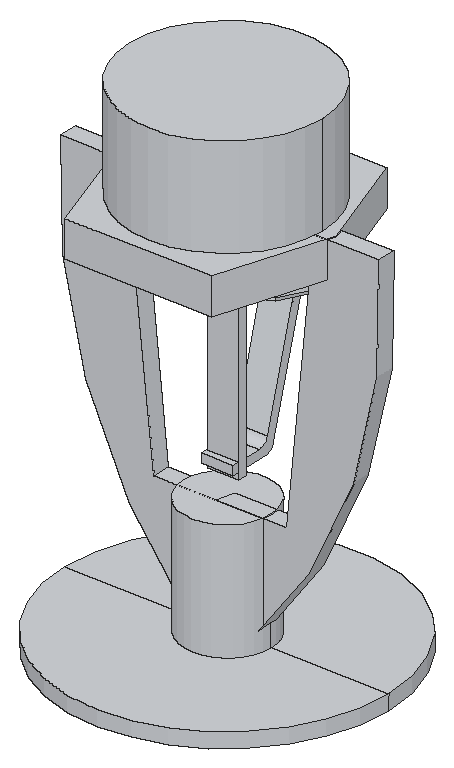
Revit family
Parameters (values of type "RASCO N252 EC PENDENT")
  Temperature Rating = 212 °F
  Response = (empty or 0)
  RASCO SIN # = "RA08A2"
  RASCO Part # = "EC252C"
  Pressure Rating = "175 PSI"
  Pressure Class = (empty or 0)
  Orifice Size = 1"
  Orifice = (empty or 0)
  Model = "N252 EC"
  Manufacturer = "RASCO"
  K-Factor = 25.2
  Description = "CHROME FINISH"
  Coverage = 1
Reference planes (in)
  plane 1 "Center (Front/Back)": y = 0
  plane 2: z = 0
  plane 3 "Center (Left/Right)": x = 0
Nested families (in)
  nested 1: "RASCO- EC252C" at (0, -0.28517, 3.60324) x (-1, 0, 0) z (0, 0, -1), type "RASCO N252 EC PENDENT"
Connectors (in)
  piping at (0, -0.28517, 3.60324)
    settings: on nested 1, index 1, connector radius 11/16", flow factor 0, pipe flow 0 GPM, pressure drop 0.00 psi, fitting loss kfactor 0, connector angle 0.00°, fixture units 0, flow configuration 0, flow direction 0, fitting loss method 0, system type 7, connector reference index -1, connector utility 0, adjustable connector no, is connector primary yes, fitting loss table "", connector description ""
Definition of nested family "RASCO- EC252C"
  Parameters (values of type "RASCO N252 EC PENDENT")
    Type Comments = ""
    Temperature Rating = 0 °F
    Response = (empty or 0)
    Pressure Rating = "0"
    Pressure Class = (empty or 0)
    Orifice Size = 0"
    Orifice = (empty or 0)
    Model = ""
    Manufacturer = ""
    K-Factor = 0
    Description = ""
    Coverage = (empty or 0)
    Assembly Code = ""
  Reference planes (in)
    plane 1 "Center (Front/Back)": y = 0
    plane 2: z = 0
    plane 3 "ref.2": z = 0.6875
    plane 4 "ref.3": z = 0.9375
    plane 5: x = -0.38065
    plane 6: x = 0.36935
    plane 7 "ref. side 1": y = 0.06402
    plane 8 "ref. side 2": y = -0.06098
    plane 9 "ref.4": z = 2.6
    plane 10 "ref.5": z = 3.6
    plane 11 "center": x = -0.00574
    plane 12 "clip": through (0, 0.52703, 1.36085) normal (0, 0.2756, -0.9613)
  Forms (in)
    Extrusion 1, solid
      sketch origin (0, 0, 0) x (1, 0, 0) y (0, 1, 0)
        loop
          circle (0, 0) r 0.659
      from 0 to 0.6875
    Extrusion 2, solid
      sketch origin (-0.12185, 0.05177, 0.6875) x (1, 0, 0) y (0, 1, 0)
        loop
          line (-0.37766, 0.70082) -> (-0.6339, -0.05177) -> (-0.3889, -0.80818) -> (0.62234, -0.80818) -> (0.8661, -0.05177) -> (0.62234, 0.70082) -> (-0.37766, 0.70082)
      from 0 to 0.25
    Extrusion 3, solid
      sketch origin (0, 0, 0) x (1, 0, 0) y (0, 0, 1)
        loop
          line (-1.09324, 0.6875) -> (-0.62034, 0.6875) -> (-0.62034, 0.96854)
          arc (-0.62034, 0.96854) -> (-0.58056, 1.76334) -> (-0.46159, 2.55019) r 7.95835
          line (-0.46159, 2.55019) -> (0.44697, 2.55019)
          arc (0.44697, 2.55019) -> (0.56668, 1.78042) -> (0.60672, 1.00242) r 7.57793
          line (0.60672, 1.00242) -> (0.60672, 0.6875) -> (1.08176, 0.6875)
          arc (1.08176, 0.6875) -> (0.90757, 2.11947) -> (0.17997, 3.36505) r 3.56334
          line (0.17997, 3.36505) -> (-0.19366, 3.36505)
          arc (-0.19366, 3.36505) -> (-0.92012, 2.11923) -> (-1.09324, 0.6875) r 3.563
      from -0.06402 to 0.06098
    Extrusion 4, solid
      sketch origin (-0.00199, 0, 3.1625) x (-1, 0, 0) y (0, -1, 0)
        loop
          circle (0.00574, -0.00152) r 0.3
      from -0.61231 to 0.4375
    Revolve 5, solid
      sketch origin (-0.0011, 0, 1.03138) x (1, 0, 0) y (0, 0, 1)
        loop
          line (-0.19255, 2.33367) -> (-0.19255, 2.43679) -> (-0.34939, 2.43679) -> (-1.11507, 2.43679) -> (-1.11507, 2.33367) -> (-0.19255, 2.33367)
        axis (-0.00574, 2.33367) -> (-0.00574, 2.43679)
      angle from 0 to 360
    Extrusion 6, solid
      sketch origin (0, 0, 0.9375) x (-1, 0, 0) y (0, -1, 0)
        loop
          line (-0.10175, -0.02852) -> (0.11324, -0.02852) -> (0.11324, 0.03101) -> (-0.10175, 0.03101) -> (-0.10175, -0.02852)
      from 0 to 1.45629
    Extrusion 7, solid
      sketch origin (-0.00574, 0, 0) x (0, 0, -1) y (0, -1, 0)
        loop
          line (-2.34418, 0.08154) -> (-2.34418, -0.18975)
          arc (-2.34418, -0.18975) -> (-2.3294, -0.23392) -> (-2.29102, -0.2603) r 0.07339
          line (-2.29102, -0.2603) -> (-1.29471, -0.54599) -> (-1.27823, -0.48852) -> (-2.23088, -0.21535)
          arc (-2.23088, -0.21535) -> (-2.26901, -0.18915) -> (-2.28369, -0.14527) r 0.07291
          line (-2.28369, -0.14527) -> (-2.28369, 0.08154) -> (-2.34418, 0.08154)
      from -0.1075 to 0.1075
    Extrusion 8, solid
      sketch origin (0, -0.32053, 1.11781) x (0, 0.961262, 0.275637) y (1, 0, 0)
        loop
          line (0.84059, -0.34079) -> (0.916, -0.26539) -> (0.916, 0.24563) -> (0.84145, 0.32018) -> (0.33718, 0.32018) -> (0.26218, 0.24518) -> (0.26218, -0.26617) -> (0.3368, -0.34079) -> (0.84059, -0.34079)
      from -0.01906 to 0
  Cuts and joins
    joined: Extrusion 1, Extrusion 2, Revolve 5
